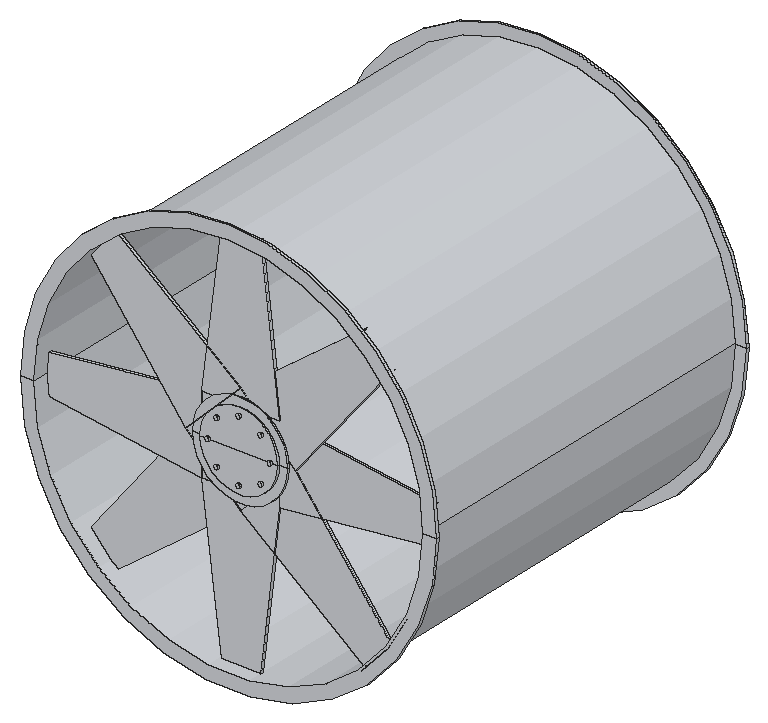
Revit family "CADS_Vent-Axia_MechEquip_Fan_BIFA_1000_3Ph4P - EXTRACT", category Mechanical Equipment, Revit 2020
Family settings
  Round Connector Dimension = Use Diameter
  Part Type = Normal
  OmniClass Number = 23.75.00.00
  OmniClass Title = Climate Control (HVAC)
  Work Plane-Based = No
  Always vertical = Yes
  Cut with Voids When Loaded = No
  Shared = No
  Room Calculation Point = No
Parameters (values of type "BIFA1003440")
  WorkingPressure = 0.0 Pa
  WarrantyStartDate [instance] = "1900-12-31T23:59:59"
  WarrantyPeriod = ""
  WarrantyIdentifier = "N/A"
  WarrantyGuarantorParts = "tech@vent-axia.com"
  WarrantyGuarantorLabor = "tech@vent-axia.com"
  WarrantyGuarantor = "Vent-Axia Limited"
  WarrantyEndDate [instance] = "1900-12-31T23:59:59"
  WarrantyContent = ""
  TemperatureRange = ""
  TagNumber [instance] = "N/A"
  SustainabilityPerformance = ""
  Status = "New"
  Size = ""
  Shape = ""
  ServiceLifeType = ""
  ServiceLifeDuration = ""
  SerialNumber [instance] = "N/A"
  ReplacementCost = ""
  RatedVoltage = 0 V
  RatedCurrent = 0 A
  Quantity = 1
  ProductionYear = ""
  PressureCurve = ""
  PowerFactor = ""
  PointOfContact = ""
  NumberOfPoles = 0
  NominalWidth = 1000 mm
  NominalLength = 1000 mm
  NominalHeight = 1000 mm
  NominalFrequencyRange = ""
  NominalDiameter = 1000 mm
  ModelReference = "BIF 1000MM 3PH 4P 40DEG"
  ModelNumber = "BIFA1003440"
  Material = ""
  ManufacturerE-Mail = "tech@vent-axia.com"
  ManufacturerAddress = "Fleming Way\nCrawley \nRH10 9YX"
  IsExtendedWarranty = no
  InsulationStandardClass = ""
  InstallationDate [instance] = "1900-12-31T23:59:59"
  IfcExportType [instance] = ""
  IfcExportAs = "IfcFanType"
  IP_Code = ""
  HasProtectiveEarth = no
  GrossWeight = 0.00 kg
  Grade = ""
  GlobalTradeItemNumber [instance] = "N/A"
  Fitting Type = "Ignore"
  Finish = ""
  Features = ""
  ExteriorInsulation = no
  ExpectedServiceLife = 0
  Exclusions = ""
  DurationUnit = "Year"
  Default Elevation = 0 mm
  Constituents = ""
  ConductorFunction = ""
  Color = ""
  CodePerformance = ""
  Category = ""
  CADS_Usage = 0
  CADS_Index = 0
  AssetType = "FIXED"
  AssetIdentifier [instance] = "N/A"
  AssemblyPlace = "UNKNOWN"
  ArticleNumber [instance] = "N/A"
  AirflowRateRange = 0.0 L/s
  Air Flow [instance] = 0.0 L/s
  AccessibilityPerformance = ""
Types (16, lengths in mm): name | ModelReference | ModelNumber
  BIFA1003410 | "BIF 1000MM 3PH 4P 10DEG" | "BIFA1003410"
  BIFA1003412 | "BIF 1000MM 3PH 4P 12DEG" | "BIFA1003412"
  BIFA1003414 | "BIF 1000MM 3PH 4P 14DEG" | "BIFA1003414"
  BIFA1003416 | "BIF 1000MM 3PH 4P 16DEG" | "BIFA1003416"
  BIFA1003418 | "BIF 1000MM 3PH 4P 18DEG" | "BIFA1003418"
  BIFA1003420 | "BIF 1000MM 3PH 4P 20DEG" | "BIFA1003420"
  BIFA1003422 | "BIF 1000MM 3PH 4P 22DEG" | "BIFA1003422"
  BIFA1003424 | "BIF 1000MM 3PH 4P 24DEG" | "BIFA1003424"
  BIFA1003426 | "BIF 1000MM 3PH 4P 26DEG" | "BIFA1003426"
  BIFA1003428 | "BIF 1000MM 3PH 4P 28DEG" | "BIFA1003428"
  BIFA1003430 | "BIF 1000MM 3PH 4P 30DEG" | "BIFA1003430"
  BIFA1003432 | "BIF 1000MM 3PH 4P 32DEG" | "BIFA1003432"
  BIFA1003434 | "BIF 1000MM 3PH 4P 34DEG" | "BIFA1003434"
  BIFA1003436 | "BIF 1000MM 3PH 4P 36DEG" | "BIFA1003436"
  BIFA1003438 | "BIF 1000MM 3PH 4P 38DEG" | "BIFA1003438"
  BIFA1003440 | "BIF 1000MM 3PH 4P 40DEG" | "BIFA1003440"
Reference planes
  plane 1 "Center (Front/Back)": y = 0
  plane 2: z = 0
  plane 3 "Center (Left/Right)": x = 0
  plane 4: x = -500
  plane 5: x = 500
  plane 6 "F": y = -500
  plane 7 "B": y = 500
  plane 8: x = -535
  plane 9: y = 495
  plane 10: y = -495
  plane 11: x = -505
  plane 12: y = -460
Forms (mm)
  Revolve 1, solid
    sketch origin (0, 0, 0) x (1, 0, 0) y (0, 1, 0)
      loop
        line (-535, -500) -> (-500, -500) -> (-500, 500) -> (-535, 500) -> (-535, 495) -> (-505, 495) -> (-505, -495) -> (-535, -495) -> (-535, -500)
      axis (0, 500) -> (0, -500)
    angle from 0 to 360
Dimensions and locks
  equal spacing: plane 4, plane 3 "Center (Left/Right)", plane 5
  equal spacing: plane 7 "B", plane 1 "Center (Front/Back)", plane 6 "F"
  "NominalLength": plane 7 "B" to plane 6 "F"
  "NominalDiameter": plane 4 to plane 5
  locked: plane 11 to plane 4 at 5
  locked: plane 8 to plane 11 at 30
  locked: plane 6 "F" to plane 10 at 5
  locked: plane 7 "B" to plane 9 at 5
  locked: plane 6 "F" to plane 12 at 40
  aligned and locked: level to plane 2
  aligned and locked: nested 1 to plane 12
Automatic sketch dimensions
  plane 6 "F" to Revolve 1 sketch curve = 0 mm
  Revolve 1 sketch curve to plane 8 = 0 mm  (x2)
  plane 10 to Revolve 1 sketch curve = 0 mm
  Revolve 1 sketch curve to plane 11 = 0 mm
  Revolve 1 sketch curve to plane 4 = 0 mm
  Revolve 1 sketch curve to plane 3 "Center (Left/Right)" = 0 mm
  plane 1 "Center (Front/Back)" to Revolve 1 sketch curve = 0 mm
  Revolve 1 sketch curve to plane 9 = 0 mm
  Revolve 1 sketch curve to plane 7 "B" = 0 mm
  plane 6 "F" to Revolve 1 sketch curve = 115 mm
Nested families
  nested 1: "Fan for BIFA" at (0, -460, 0), ND <- "NominalDiameter", type "Fan for BIFA"
    with hub 100 mm, ND 1000 mm, BoltPCD 80 mm, Bolt Count 8, B_Diam 10 mm
  nested 2: "Bolts" at (0, -469.172, -80) x (-1, 0, 0) z (0, 1, 0), type "Bolts"
    with bd 10 mm
  nested 3: "Bolts" at (-56.569, -469.172, -56.569) x (-0.7071, 0, 0.7071) z (0, 1, 0), type "Bolts"
    with bd 10 mm
  nested 4: "Bolts" at (-80, -469.172, 0) x (0, 0, 1) z (0, 1, 0), type "Bolts"
    with bd 10 mm
  nested 5: "Bolts" at (-56.569, -469.172, 56.569) x (0.7071, 0, 0.7071) z (0, 1, 0), type "Bolts"
    with bd 10 mm
  nested 6: "Bolts" at (56.569, -469.172, 56.569) x (0.7071, 0, -0.7071) z (0, 1, 0), type "Bolts"
    with bd 10 mm
  nested 7: "Bolts" at (0, -469.172, 80) x (1, 0, 0) z (0, 1, 0), type "Bolts"
    with bd 10 mm
  nested 8: "BIFA Blade" at (0, -460, 0), type "BIFA Blade"
    with a 20.00°, HR 100 mm, HD 200 mm, BT 100 mm, BR 400 mm, BH 40 mm, BD 1000 mm, BB 200 mm
  nested 9: "BIFA Blade" at (0, -460, 0) x (0.7071, 0, -0.7071) z (0.7071, 0, 0.7071), type "BIFA Blade"
    with a 20.00°, HR 100 mm, HD 200 mm, BT 100 mm, BR 400 mm, BH 40 mm, BD 1000 mm, BB 200 mm
  nested 10: "BIFA Blade" at (0, -460, 0) x (0, 0, -1) z (1, 0, 0), type "BIFA Blade"
    with a 20.00°, HR 100 mm, HD 200 mm, BT 100 mm, BR 400 mm, BH 40 mm, BD 1000 mm, BB 200 mm
  nested 11: "BIFA Blade" at (0, -460, 0) x (-0.7071, 0, -0.7071) z (0.7071, 0, -0.7071), type "BIFA Blade"
    with a 20.00°, HR 100 mm, HD 200 mm, BT 100 mm, BR 400 mm, BH 40 mm, BD 1000 mm, BB 200 mm
  nested 12: "BIFA Blade" at (0, -460, 0) x (-1, 0, 0) z (0, 0, -1), type "BIFA Blade"
    with a 20.00°, HR 100 mm, HD 200 mm, BT 100 mm, BR 400 mm, BH 40 mm, BD 1000 mm, BB 200 mm
  nested 13: "BIFA Blade" at (0, -460, 0) x (-0.7071, 0, -0.7071) z (-0.7071, 0, 0.7071), type "BIFA Blade"
    with a 20.00°, HR 100 mm, HD 200 mm, BT 100 mm, BR 400 mm, BH 40 mm, BD 1000 mm, BB 200 mm
  nested 14: "BIFA Blade" at (0, -460, 0) x (0, 0, -1) z (-1, 0, 0), type "BIFA Blade"
    with a 20.00°, HR 100 mm, HD 200 mm, BT 100 mm, BR 400 mm, BH 40 mm, BD 1000 mm, BB 200 mm
  nested 15: "BIFA Blade" at (0, -460, 0) x (0.7071, 0, -0.7071) z (-0.7071, 0, -0.7071), type "BIFA Blade"
    with a 20.00°, HR 100 mm, HD 200 mm, BT 100 mm, BR 400 mm, BH 40 mm, BD 1000 mm, BB 200 mm
  nested 16: "Bolts" at (80, -469.172, 0) x (0, 0, -1) z (0, 1, 0), type "Bolts"
    with bd 10 mm
  nested 17: "Bolts" at (56.569, -469.172, -56.569) x (-0.7071, 0, -0.7071) z (0, 1, 0), type "Bolts"
    with bd 10 mm
Connectors
  hvac at (0, -500, 0), driven by "NominalDiameter", driven by "Air Flow"
    settings: on Revolve 1, index 1, duct flow 0.0 L/s, flow factor 0, pres drop 0.0 Pa, loss coef 0, conn angle 0.00°, conn width 304.8 mm, conn height 304.8 mm, conn diameter 1000 mm, duct sys type 2, conn prof type 0, flow config 0, flow direction 1, loss method 0, conn ref index -1, conn util no, is conn primary yes, conn desc ""
  hvac at (0, 500, 0), driven by "NominalDiameter", driven by "Air Flow"
    settings: on Revolve 1, index 2, duct flow 0.0 L/s, flow factor 0, pres drop 0.0 Pa, loss coef 0, conn angle 0.00°, conn width 304.8 mm, conn height 304.8 mm, conn diameter 1000 mm, duct sys type 3, conn prof type 0, flow config 1, flow direction 2, loss method 0, conn ref index -1, conn util no, is conn primary no, conn desc ""
Definition of nested family "Fan for BIFA"
  Parameters (values of type "Fan for BIFA")
    hub [instance] = ND / 10  # 50 mm
    ND [instance] = 500 mm
    Model = "."
    Default Elevation = 0 mm
    BoltPCD [instance] = hub - (hub * 0.2)  # 40 mm
    Bolt Count [instance] = if(hub < 50 mm, 6, 8)  # 8
    B_Diam [instance] = if(hub < 50 mm, 5 mm, 10 mm)  # 10 mm
  Reference planes
    plane 1 "Center (Front/Back)": y = 0
    plane 2: z = 0
    plane 3 "Center (Left/Right)": x = 0
    plane 4 "back": y = 20
    plane 5 "bolts": y = -9.172
    plane 6 "B": z = 50
    plane 7: x = -72.587
    plane 8: x = -50
    plane 9 "hubface": y = -6.172
  Forms (mm)
    Revolve 1, solid
      sketch origin (0, 0, 0) x (1, 0, 0) y (0, 1, 0)
        loop
          line (0, 20) -> (-50, 20) -> (-50, 10.504) -> (-72.587, 10.504) -> (-72.587, -2.597) -> (-50, -2.597) -> (-50, -6.172) -> (0, -6.172) -> (0, 20)
        axis (0, 20) -> (0, -6.172)
      angle from 0 to 360
    Extrusion 2, solid, not visible
      sketch origin (0, -6.347, -4) x (-1, 0, 0) y (0, 0, 1)
        loop
          circle (0, 84) r 5
      from 0 to 3
  Lines and regions (mm)
    symbolic lines
      curve 1: circle (0, -9.172, 0) r 40 normal (0, 1, 0)
    model lines, not visible
      curve 2: line (0, -6.347, 85) -> (0, -6.347, 75)
  Dimensions and locks
    "hub": plane 6 "B" to plane 2
    "hub": nested 3 to plane 3 "Center (Left/Right)"
    "hub": nested 4 to plane 3 "Center (Left/Right)"
    "hub": nested 5 to plane 3 "Center (Left/Right)"
    "hub": plane 3 "Center (Left/Right)" to nested 6
    "hub": Revolve 1 sketch curve to Revolve 1 sketch curve
    "hub": plane 3 "Center (Left/Right)" to nested 7
    "hub": plane 3 "Center (Left/Right)" to nested 8
    "hub": plane 3 "Center (Left/Right)" to nested 9
    "hub": plane 8 to plane 3 "Center (Left/Right)"
    plane 7 to plane 8 = 22.587 mm
    diameter of Extrusion 2 sketch curve = 10 mm
    "BoltPCD": radius of curve 1
    "BoltPCD": radius of radial array
    aligned and locked: level to plane 2
    aligned and locked: plane 6 "B" to nested 1
  Automatic sketch dimensions
    Revolve 1 sketch curve to plane 7 = 0 mm
    Revolve 1 sketch curve to plane 8 = 0 mm  (x2)
    Revolve 1 sketch curve to plane 3 "Center (Left/Right)" = 0 mm
    Revolve 1 sketch curve to plane 9 "hubface" = 0 mm
    plane 4 "back" to Revolve 1 sketch curve = 0 mm
    plane 1 "Center (Front/Back)" to Revolve 1 sketch curve = 2.597 mm
    plane 4 "back" to Revolve 1 sketch curve = 9.496 mm
    plane 4 "back" to Revolve 1 sketch curve = 5 mm
    Revolve 1 sketch curve to Revolve 1 sketch curve = 45 mm
    curve 1 to level = 0 mm
    curve 1 to plane 3 "Center (Left/Right)" = 0 mm
  Nested families
    nested 1: "BIFA Blade" at (0, 0, 25), BD <- "ND", HD <- "hub", type "BIFA Blade"
      with a 20.00°, HR 25 mm, HD 50 mm, BT 25 mm, BR 100 mm, BH 40 mm, BD 250 mm, BB 50 mm
    nested 2: "BIFA Blade" at (0, 0, 55), BD <- "ND", HD <- "hub", type "BIFA Blade", not visible
      with a 20.00°, HR 25 mm, HD 50 mm, BT 25 mm, BR 100 mm, BH 40 mm, BD 250 mm, BB 50 mm
    nested 3: "BIFA Blade" at (17.678, 0, 17.678) x (0.7071, 0, -0.7071) z (0.7071, 0, 0.7071), BD <- "ND", HD <- "hub", type "BIFA Blade"
      with a 20.00°, HR 25 mm, HD 50 mm, BT 25 mm, BR 100 mm, BH 40 mm, BD 250 mm, BB 50 mm
    nested 4: "BIFA Blade" at (25, 0, 0) x (0, 0, -1) z (1, 0, 0), BD <- "ND", HD <- "hub", type "BIFA Blade"
      with a 20.00°, HR 25 mm, HD 50 mm, BT 25 mm, BR 100 mm, BH 40 mm, BD 250 mm, BB 50 mm
    nested 5: "BIFA Blade" at (17.678, 0, -17.678) x (-0.7071, 0, -0.7071) z (0.7071, 0, -0.7071), BD <- "ND", HD <- "hub", type "BIFA Blade"
      with a 20.00°, HR 25 mm, HD 50 mm, BT 25 mm, BR 100 mm, BH 40 mm, BD 250 mm, BB 50 mm
    nested 6: "BIFA Blade" at (0, 0, -25) x (-1, 0, 0) z (0, 0, -1), BD <- "ND", HD <- "hub", type "BIFA Blade"
      with a 20.00°, HR 25 mm, HD 50 mm, BT 25 mm, BR 100 mm, BH 40 mm, BD 250 mm, BB 50 mm
    nested 7: "BIFA Blade" at (-17.678, 0, 17.678) x (-0.7071, 0, -0.7071) z (-0.7071, 0, 0.7071), BD <- "ND", HD <- "hub", type "BIFA Blade"
      with a 20.00°, HR 25 mm, HD 50 mm, BT 25 mm, BR 100 mm, BH 40 mm, BD 250 mm, BB 50 mm
    nested 8: "BIFA Blade" at (-25, 0, 0) x (0, 0, -1) z (-1, 0, 0), BD <- "ND", HD <- "hub", type "BIFA Blade"
      with a 20.00°, HR 25 mm, HD 50 mm, BT 25 mm, BR 100 mm, BH 40 mm, BD 250 mm, BB 50 mm
    nested 9: "BIFA Blade" at (-17.678, 0, -17.678) x (0.7071, 0, -0.7071) z (-0.7071, 0, -0.7071), BD <- "ND", HD <- "hub", type "BIFA Blade"
      with a 20.00°, HR 25 mm, HD 50 mm, BT 25 mm, BR 100 mm, BH 40 mm, BD 250 mm, BB 50 mm
    nested 10: "Bolts" at (0, -9.172, 40) x (1, 0, 0) z (0, 1, 0), bd <- "B_Diam", type "Bolts"
      with bd 10 mm
    nested 11: "Bolts" at (28.284, -9.172, 28.284) x (0.7071, 0, -0.7071) z (0, 1, 0), bd <- "B_Diam", type "Bolts"
      with bd 10 mm
    nested 12: "Bolts" at (-28.284, -9.172, 28.284) x (0.7071, 0, 0.7071) z (0, 1, 0), bd <- "B_Diam", type "Bolts"
      with bd 10 mm
    nested 13: "Bolts" at (-40, -9.172, 0) x (0, 0, 1) z (0, 1, 0), bd <- "B_Diam", type "Bolts"
      with bd 10 mm
    nested 14: "Bolts" at (-28.284, -9.172, -28.284) x (-0.7071, 0, 0.7071) z (0, 1, 0), bd <- "B_Diam", type "Bolts"
      with bd 10 mm
    nested 15: "Bolts" at (0, -9.172, -40) x (-1, 0, 0) z (0, 1, 0), bd <- "B_Diam", type "Bolts"
      with bd 10 mm
    nested 16: "Bolts" at (28.284, -9.172, -28.284) x (-0.7071, 0, -0.7071) z (0, 1, 0), bd <- "B_Diam", type "Bolts"
      with bd 10 mm
    nested 17: "Bolts" at (40, -9.172, 0) x (0, 0, -1) z (0, 1, 0), bd <- "B_Diam", type "Bolts"
      with bd 10 mm
  Definition of nested family "BIFA Blade"
    Parameters (values of type "BIFA Blade")
      a [instance] = 20.00°
      HR [instance] = HD / 2  # 30 mm
      HD [instance] = BD / 5  # 60 mm
      Default Elevation = 1219.2 mm
      BT [instance] = BD / 10  # 30 mm
      BR [instance] = (BD / 2) - HR  # 120 mm
      BH [instance] = 40 mm
      BD [instance] = 300 mm
      BB [instance] = BD / 5  # 60 mm
    Reference planes
      plane 1 "Center (Front/Back)": y = 0
      plane 2: z = 0
      plane 3 "Center (Left/Right)": x = 0
      plane 4 "Blade Bot": z = 30
      plane 5: x = -30
      plane 6: x = 30
      plane 7: x = -15
      plane 8: x = 15
    Forms (mm)
      Blend 1, solid
        base sketch origin (0, 0, 30) x (-1, 0, 0) y (0, -1, 0)
          loop
            line (30, 0) -> (-30, 0) -> (-30, -6) -> (30, -6) -> (30, 0)
        top sketch origin (0, 0, 30) x (-1, 0, 0) y (0, -1, 0)
          loop
            line (15, -6) -> (15, 0) -> (-15, 0) -> (-15, -6) -> (15, -6)
        from 0 to 120 <- "BR"
    Dimensions and locks
      "HR": plane 4 "Blade Bot" to level
      equal spacing: plane 8, plane 3 "Center (Left/Right)", plane 7
      "BT": plane 8 to plane 7
      equal spacing: plane 6, plane 3 "Center (Left/Right)", plane 5
      "BB": plane 6 to plane 5
      aligned and locked: level to plane 2
    Automatic sketch dimensions
      plane 1 "Center (Front/Back)" to Blend 1 sketch curve = 0 mm  (x2)
      Blend 1 sketch curve to plane 6 = 0 mm
      Blend 1 sketch curve to plane 5 = 0 mm
      Blend 1 sketch curve to plane 1 "Center (Front/Back)" = 6 mm  (x2)
      Blend 1 sketch curve to plane 8 = 0 mm
      Blend 1 sketch curve to plane 7 = 0 mm
  Definition of nested family "Bolts"
    Parameters
      bd [instance] = 10 mm
      Default Elevation = 1219.2 mm
    Reference planes
      plane 1 "Center (Front/Back)": y = 0
      plane 2: z = 0
      plane 3 "Center (Left/Right)": x = 0
    Forms (mm)
      Extrusion 1, solid
        sketch origin (0, 0, 0) x (1, 0, 0) y (0, 1, 0)
          loop
            line (-1219.2, 1219.2) -> (-1219.2, -1219.2) -> (1219.2, -1219.2) -> (1219.2, 1219.2) -> (-1219.2, 1219.2)
        from 0 to -304.8
      Extrusion 2, solid
        sketch origin (0, 0, 0) x (1, 0, 0) y (0, 1, 0)
          loop
            circle (0, 0) r 5
        from 0 to 3
    Dimensions and locks
      "bd": diameter of Extrusion 2 sketch curve
      aligned and locked: plane 2 to Extrusion 1
      aligned and locked: level to Extrusion 1
    Automatic sketch dimensions
      Extrusion 1 sketch curve to Extrusion 1 sketch curve = 2438.4 mm  (x2)
      plane 1 "Center (Front/Back)" to Extrusion 2 sketch curve = 0 mm
      Extrusion 2 sketch curve to plane 3 "Center (Left/Right)" = 0 mm
Definition of nested family "Bolts"
  Parameters
    bd [instance] = 10 mm
    Default Elevation = 1219.2 mm
  Reference planes
    plane 1 "Center (Front/Back)": y = 0
    plane 2: z = 0
    plane 3 "Center (Left/Right)": x = 0
  Forms (mm)
    Extrusion 1, solid
      sketch origin (0, 0, 0) x (1, 0, 0) y (0, 1, 0)
        loop
          line (-1219.2, 1219.2) -> (-1219.2, -1219.2) -> (1219.2, -1219.2) -> (1219.2, 1219.2) -> (-1219.2, 1219.2)
      from 0 to -304.8
    Extrusion 2, solid
      sketch origin (0, 0, 0) x (1, 0, 0) y (0, 1, 0)
        loop
          circle (0, 0) r 5
      from 0 to 3
  Dimensions and locks
    "bd": diameter of Extrusion 2 sketch curve
    aligned and locked: plane 2 to Extrusion 1
    aligned and locked: level to Extrusion 1
  Automatic sketch dimensions
    Extrusion 1 sketch curve to Extrusion 1 sketch curve = 2438.4 mm  (x2)
    plane 1 "Center (Front/Back)" to Extrusion 2 sketch curve = 0 mm
    Extrusion 2 sketch curve to plane 3 "Center (Left/Right)" = 0 mm
Definition of nested family "BIFA Blade"
  Parameters (values of type "BIFA Blade")
    a [instance] = 20.00°
    HR [instance] = HD / 2  # 30 mm
    HD [instance] = BD / 5  # 60 mm
    Default Elevation = 1219.2 mm
    BT [instance] = BD / 10  # 30 mm
    BR [instance] = (BD / 2) - HR  # 120 mm
    BH [instance] = 40 mm
    BD [instance] = 300 mm
    BB [instance] = BD / 5  # 60 mm
  Reference planes
    plane 1 "Center (Front/Back)": y = 0
    plane 2: z = 0
    plane 3 "Center (Left/Right)": x = 0
    plane 4 "Blade Bot": z = 30
    plane 5: x = -30
    plane 6: x = 30
    plane 7: x = -15
    plane 8: x = 15
  Forms (mm)
    Blend 1, solid
      base sketch origin (0, 0, 30) x (-1, 0, 0) y (0, -1, 0)
        loop
          line (30, 0) -> (-30, 0) -> (-30, -6) -> (30, -6) -> (30, 0)
      top sketch origin (0, 0, 30) x (-1, 0, 0) y (0, -1, 0)
        loop
          line (15, -6) -> (15, 0) -> (-15, 0) -> (-15, -6) -> (15, -6)
      from 0 to 120 <- "BR"
  Dimensions and locks
    "HR": plane 4 "Blade Bot" to level
    equal spacing: plane 8, plane 3 "Center (Left/Right)", plane 7
    "BT": plane 8 to plane 7
    equal spacing: plane 6, plane 3 "Center (Left/Right)", plane 5
    "BB": plane 6 to plane 5
    aligned and locked: level to plane 2
  Automatic sketch dimensions
    plane 1 "Center (Front/Back)" to Blend 1 sketch curve = 0 mm  (x2)
    Blend 1 sketch curve to plane 6 = 0 mm
    Blend 1 sketch curve to plane 5 = 0 mm
    Blend 1 sketch curve to plane 1 "Center (Front/Back)" = 6 mm  (x2)
    Blend 1 sketch curve to plane 8 = 0 mm
    Blend 1 sketch curve to plane 7 = 0 mm
